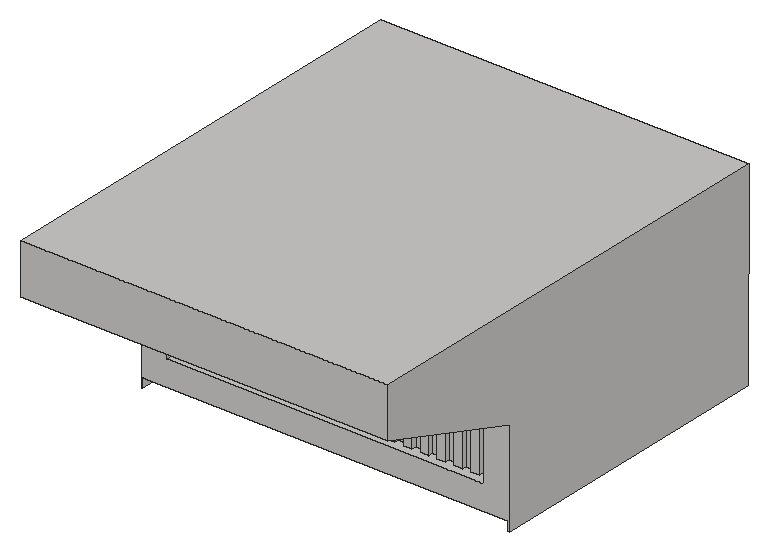
Revit family "QF_ZANUSSI_922735_HOEX2011", category Specialty Equipment, Revit 2023
Family settings
  Round Connector Dimension = Use Diameter
  Part Type = Normal
  Work Plane-Based = No
  Enable Cutting in Views = No
  Always vertical = Yes
  Cut with Voids When Loaded = No
  Maintain Annotation Orientation = No
  Shared = No
  Room Calculation Point = No
Parameters
  Weight = 23.00 kg
  Watts = 0 W
  Volts = 0 V
  URL Manufacturer = "http://www.zanussiprofessional.com"
  URL = "http://www.zanussiprofessional.com"
  Steam Supply Size = 0 mm
  Steam Supply Minimum Pressure = 0.0 Pa
  Steam Supply Maximum Pressure = 0.0 Pa
  Steam Pounds per Hour = 0
  Show Logo [instance] = yes
  Show Clearance [instance] = yes
  Refrigeration Suction Line Size = 0 mm
  Refrigeration Liquid Line Size = 0 mm
  Refrigerant Compressor Remote = yes
  Manufacturer = "Zanussi"
  Phase = 0
  Model = "HOBV11"
  Length Actual = 917 mm
  Item Number = "922735"
  Hot Water Size = 0 mm
  Height Actual = 450 mm
  HP = "0 HP"
  Gas Size = 0 mm
  Gas KW = 0
  Gas Input Pressure = 0 W
  Direct Waste Size = 0 mm
  Description = "EXHAUST HOOD WITHOUT FAN FOR 20 GN 1/1 OVEN"
  Depth Actual = 1085 mm
  Default Elevation = 0 mm
  Cycle = 0 Hz
  Condensate Return Size = 0 mm
  Compressed Air Volume = 0.0 L/s
  Compressed Air Size = 0 mm
  Compressed Air Pressure = 0.0 Pa
  Cold Water Size = 0 mm
  Accessory = no
Reference planes
  plane 1 "Center X": y = 92.351
  plane 2: z = 0
  plane 3 "Center Y": x = -326.5
  plane 4 "LEFT": x = -760
  plane 5 "BACK": y = 479.851
  plane 6 "RIGHT": x = 107
  plane 7 "FRONT": y = -295.149
  plane 8 "TOP": z = 1728
  plane 9: y = -590.149
  plane 10: x = -764
  plane 11: x = 111
  plane 12: z = 2178
Forms (mm)
  Extrusion 1, solid, material "QF_Clearance", visible <- "Show Clearance", detail levels coarse
    sketch origin (0, 0, 0) x (1, 0, 0) y (0, 1, 0)
      loop
        line (-764, 479.851) -> (111, 479.851) -> (111, 629.851) -> (-764, 629.851) -> (-764, 479.851)
    from 1707 to 2178
  Extrusion 2, solid, material "QF_Clearance", visible <- "Show Clearance", detail levels coarse
    sketch origin (-1150.39, -1524, 2178) x (-1, 0, 0) y (0, -1, 0)
      loop
        line (-386.39, -933.851) -> (-1261.39, -933.851) -> (-1261.39, -2153.851) -> (-386.39, -2153.851) -> (-386.39, -933.851)
    from 450 to 0
  Extrusion 3, solid, material "QF_Finishes_Stainless Steel"
    sketch origin (-764, 902.856, 4000) x (0, 1, 0) y (0, 0, 1)
      loop
        line (-423.005, -2272) -> (-423.005, -1822) -> (-1493.005, -1822) -> (-1493.005, -1942.064) -> (-1133.005, -2066.021) -> (-1133.005, -2272) -> (-423.005, -2272)
    from 60 to 0
  Extrusion 4, solid, material "QF_Finishes_Stainless Steel"
    sketch origin (111, 902.856, 4000) x (0, 1, 0) y (0, 0, 1)
      loop
        line (-423.005, -2272) -> (-423.005, -1822) -> (-1493.005, -1822) -> (-1493.005, -1942.064) -> (-1133.005, -2066.021) -> (-1133.005, -2272) -> (-423.005, -2272)
    from -60 to 0
  Extrusion 5, solid, material "QF_Finishes_Stainless Steel"
    sketch origin (-326.5, 0, 0) x (0, 1, 0) y (0, 0, 1)
      loop
        line (479.851, 1728) -> (479.851, 2178) -> (-590.149, 2178) -> (-590.149, 2057.936) -> (-210.149, 2057.936) -> (-210.149, 1788) -> (-230.149, 1788) -> (-230.149, 1728) -> (479.851, 1728)
    from -377.5 to 377.5
  Extrusion 6, solid, material "QF_Finishes_Stainless Steel"
    sketch origin (0, -295.149, 0) x (-1, 0, 0) y (0, 0, 1)
      loop
        line (764, 1728) -> (760, 1728) -> (760, 1707) -> (764, 1707) -> (764, 1728)
      loop
        line (-107, 1728) -> (-111, 1728) -> (-111, 1707) -> (-107, 1707) -> (-107, 1728)
    from 65 to 775
  Extrusion 7, solid, material "QF_Finishes_Stainless Steel"
    sketch origin (0, 479.851, 0) x (-1, 0, 0) y (0, 0, 1)
      loop
        circle (-86, 2113) r 8
      loop
        circle (326.5, 1746) r 7
    from 0 to 20
  Extrusion 8, void
    sketch origin (0, 0, 0) x (1, 0, 0) y (0, 1, 0)
      loop
        line (-696.5, -200.149) -> (-696.5, -210.149) -> (-676.5, -210.149) -> (-676.5, -200.149) -> (-696.5, -200.149)
      loop
        line (-656.5, -200.149) -> (-656.5, -210.149) -> (-636.5, -210.149) -> (-636.5, -200.149) -> (-656.5, -200.149)
      loop
        line (-616.5, -200.149) -> (-616.5, -210.149) -> (-596.5, -210.149) -> (-596.5, -200.149) -> (-616.5, -200.149)
      loop
        line (-576.5, -200.149) -> (-576.5, -210.149) -> (-556.5, -210.149) -> (-556.5, -200.149) -> (-576.5, -200.149)
      loop
        line (-536.5, -200.149) -> (-536.5, -210.149) -> (-516.5, -210.149) -> (-516.5, -200.149) -> (-536.5, -200.149)
      loop
        line (-496.5, -200.149) -> (-496.5, -210.149) -> (-476.5, -210.149) -> (-476.5, -200.149) -> (-496.5, -200.149)
      loop
        line (-456.5, -200.149) -> (-456.5, -210.149) -> (-436.5, -210.149) -> (-436.5, -200.149) -> (-456.5, -200.149)
      loop
        line (-416.5, -200.149) -> (-416.5, -210.149) -> (-396.5, -210.149) -> (-396.5, -200.149) -> (-416.5, -200.149)
      loop
        line (-376.5, -200.149) -> (-376.5, -210.149) -> (-356.5, -210.149) -> (-356.5, -200.149) -> (-376.5, -200.149)
      loop
        line (-336.5, -200.149) -> (-336.5, -210.149) -> (-316.5, -210.149) -> (-316.5, -200.149) -> (-336.5, -200.149)
      loop
        line (-296.5, -200.149) -> (-296.5, -210.149) -> (-276.5, -210.149) -> (-276.5, -200.149) -> (-296.5, -200.149)
      loop
        line (-256.5, -200.149) -> (-256.5, -210.149) -> (-236.5, -210.149) -> (-236.5, -200.149) -> (-256.5, -200.149)
      loop
        line (-216.5, -200.149) -> (-216.5, -210.149) -> (-196.5, -210.149) -> (-196.5, -200.149) -> (-216.5, -200.149)
      loop
        line (-176.5, -200.149) -> (-176.5, -210.149) -> (-156.5, -210.149) -> (-156.5, -200.149) -> (-176.5, -200.149)
      loop
        line (-136.5, -200.149) -> (-136.5, -210.149) -> (-116.5, -210.149) -> (-116.5, -200.149) -> (-136.5, -200.149)
      loop
        line (-96.5, -200.149) -> (-96.5, -210.149) -> (-76.5, -210.149) -> (-76.5, -200.149) -> (-96.5, -200.149)
      loop
        line (-56.5, -200.149) -> (-56.5, -210.149) -> (-36.5, -210.149) -> (-36.5, -200.149) -> (-56.5, -200.149)
      loop
        line (-16.5, -200.149) -> (-16.5, -210.149) -> (3.5, -210.149) -> (3.5, -200.149) -> (-16.5, -200.149)
      loop
        line (23.5, -200.149) -> (23.5, -210.149) -> (43.5, -210.149) -> (43.5, -200.149) -> (23.5, -200.149)
    from 1788 to 2057.936
Cuts and joins
  joined: Extrusion 1, Extrusion 2
  Extrusion 8 cuts Extrusion 3
  Extrusion 8 cuts Extrusion 4
  Extrusion 8 cuts Extrusion 5
  Extrusion 8 cuts Extrusion 6
  Extrusion 8 cuts Extrusion 7
  joined: Extrusion 3, Extrusion 4, Extrusion 5, Extrusion 6, Extrusion 7
Lines and regions (mm)
  symbolic lines, style "QF_Clearances", visible <- "Show Clearance"
    curve 1: line (111, 629.851, 0) -> (-764, 629.851, 0)
  symbolic lines, style "Linee tratto punto"
    curve 2: line (-764, 479.851, 0) -> (111, 479.851, 0)
    curve 3: line (-764, -590.149, 0) -> (-764, 479.851, 0)
    curve 4: line (111, -590.149, 0) -> (-764, -590.149, 0)
    curve 5: line (111, 479.851, 0) -> (111, -590.149, 0)
    curve 16: line (-764, -590.149, 0) -> (111, 479.851, 0)
    curve 17: line (-764, 479.851, 0) -> (111, -590.149, 0)
  symbolic lines
    curve 6: line (-333.5, 499.851, 0) -> (-319.5, 499.851, 0)
    curve 7: line (-319.5, 499.851, 0) -> (-319.5, 479.851, 0)
    curve 8: line (-333.5, 499.851, 0) -> (-333.5, 479.851, 0)
    curve 9: line (94, 499.851, 0) -> (94, 479.851, 0)
    curve 10: line (94, 499.851, 0) -> (78, 499.851, 0)
    curve 11: line (78, 499.851, 0) -> (78, 479.851, 0)
  symbolic lines, style "SpecialityEquipmentHiddenLines"
    curve 12: line (-334, 338.851, 0) -> (-34, 338.851, 0)
    curve 13: line (-334, 38.851, 0) -> (-334, 338.851, 0)
    curve 14: line (-34, 38.851, 0) -> (-334, 38.851, 0)
    curve 15: line (-34, 338.851, 0) -> (-34, 38.851, 0)
Dimensions and locks
  equal spacing: plane 4 "LEFT", plane 3 "Center Y", plane 6 "RIGHT"
  plane 10 to plane 11 = 875 mm
  plane 5 "BACK" to plane 9 = 1070 mm
  equal spacing: plane 5 "BACK", plane 1 "Center X", plane 7 "FRONT"
  locked: plane 10 to plane 4 "LEFT" at 4
  locked: plane 6 "RIGHT" to plane 11 at 4
  cut or joined group of Extrusion 3, Extrusion 4, Extrusion 5, Extrusion 6, Extrusion 7, Extrusion 8 to Extrusion 7 sketch curve = 39 mm
  Extrusion 7 sketch curve to plane 12 = 65 mm
  plane 11 to Extrusion 7 sketch curve = 25 mm
  aligned and locked: level to plane 2
Automatic sketch dimensions
  Extrusion 1 sketch curve to plane 10 = 0 mm
  Extrusion 1 sketch curve to plane 11 = 0 mm
  Extrusion 1 sketch curve to plane 5 "BACK" = 0 mm
  plane 5 "BACK" to Extrusion 1 sketch curve = 150 mm
  Extrusion 2 sketch curve to plane 9 = 0 mm
  Extrusion 2 sketch curve to plane 11 = 0 mm
  Extrusion 2 sketch curve to plane 10 = 0 mm
  plane 5 "BACK" to Extrusion 2 sketch curve = 150 mm
  Extrusion 5 sketch curve to plane 9 = 0 mm
  Extrusion 5 sketch curve to plane 8 "TOP" = 0 mm
  Extrusion 5 sketch curve to plane 5 "BACK" = 0 mm
  Extrusion 5 sketch curve to plane 12 = 0 mm
  plane 7 "FRONT" to Extrusion 5 sketch curve = 65 mm
  plane 7 "FRONT" to Extrusion 5 sketch curve = 85 mm
  plane 8 "TOP" to Extrusion 5 sketch curve = 60 mm
  Extrusion 5 sketch curve to plane 12 = 120.064 mm
  Extrusion 6 sketch curve to plane 8 "TOP" = 0 mm  (x2)
  Extrusion 6 sketch curve to plane 11 = 0 mm
  Extrusion 6 sketch curve to plane 6 "RIGHT" = 0 mm
  Extrusion 6 sketch curve to plane 4 "LEFT" = 0 mm
  Extrusion 6 sketch curve to plane 10 = 0 mm
  Extrusion 6 sketch curve to plane 8 "TOP" = 21 mm
  Extrusion 6 sketch curve to Extrusion 6 sketch curve = 21 mm
  Extrusion 7 sketch curve to plane 3 "Center Y" = 0 mm
  curve 1 to plane 10 = 0 mm
  curve 4 to plane 10 = 0 mm
  curve 1 to plane 11 = 0 mm
  curve 16 to plane 5 "BACK" = 0 mm
  curve 16 to plane 11 = 0 mm
  curve 5 to plane 9 = 0 mm
  curve 8 to plane 3 "Center Y" = 7 mm
  plane 3 "Center Y" to curve 6 = 7 mm
  curve 12 to plane 3 "Center Y" = 7.5 mm
  curve 15 to plane 6 "RIGHT" = 141 mm
  curve 11 to plane 6 "RIGHT" = 29 mm
  curve 9 to plane 6 "RIGHT" = 13 mm
  plane 1 "Center X" to curve 14 = 53.5 mm
  curve 12 to plane 5 "BACK" = 141 mm
  curve 9 to curve 10 = 20 mm
  plane 5 "BACK" to curve 8 = 20 mm
  curve 9 to curve 1 = 130 mm
  Extrusion 4 sketch curve to plane 9 = 0 mm
  Extrusion 4 sketch curve to plane 8 "TOP" = 0 mm
  Extrusion 4 sketch curve to plane 5 "BACK" = 0 mm
  Extrusion 4 sketch curve to plane 12 = 0 mm
  plane 7 "FRONT" to Extrusion 4 sketch curve = 65 mm
  plane 8 "TOP" to Extrusion 4 sketch curve = 205.979 mm
  Extrusion 4 sketch curve to Extrusion 4 sketch curve = 120.064 mm
  Extrusion 3 sketch curve to plane 9 = 0 mm
  Extrusion 3 sketch curve to plane 8 "TOP" = 0 mm
  Extrusion 3 sketch curve to plane 5 "BACK" = 0 mm
  Extrusion 3 sketch curve to plane 12 = 0 mm
  plane 7 "FRONT" to Extrusion 3 sketch curve = 65 mm
  plane 8 "TOP" to Extrusion 3 sketch curve = 205.979 mm
  Extrusion 3 sketch curve to Extrusion 3 sketch curve = 120.064 mm
  plane 4 "LEFT" to Extrusion 8 sketch curve = 63.5 mm
  Extrusion 8 sketch curve to Extrusion 8 sketch curve = 20 mm  (x35)
  Extrusion 8 sketch curve to plane 3 "Center Y" = 30 mm
  Extrusion 8 sketch curve to plane 3 "Center Y" = 10 mm
  plane 7 "FRONT" to Extrusion 8 sketch curve = 85 mm  (x2)
  Extrusion 8 sketch curve to Extrusion 8 sketch curve = 0 mm  (x17)
  Extrusion 8 sketch curve to Extrusion 8 sketch curve = 10 mm  (x19)
  radius of Extrusion 7 sketch curve = 8 mm
  radius of Extrusion 7 sketch curve = 7 mm
Connectors
  electrical at (86, 499.851, 2113)
    settings: on cut or joined group of Extrusion 3, Extrusion 4, Extrusion 5, Extrusion 6, Extrusion 7, Extrusion 8, index 1, voltage 0 V, apparent load 0 VA, apparent load phase1 0 VA, apparent load phase2 0 VA, apparent load phase3 0 VA, power factor 1, load classification "Altro", number of poles 1, system type 30, power factor state 1, is connector primary yes, connector utility no, sub classification motor no, connector description "Electrical Connection"
  piping at (-326.5, 499.851, 1746), diameter 14
    settings: on cut or joined group of Extrusion 3, Extrusion 4, Extrusion 5, Extrusion 6, Extrusion 7, Extrusion 8, index 2, connector inside diameter 609.6 mm, connector length 0 mm, flow factor 0, pipe flow 0.0 L/s, pressure drop 0.0 Pa, fitting loss kfactor 0, connector angle 0.00°, fixture units 0, engagement length 0 mm, angle of deflection 0.00°, flow configuration 1, flow direction 2, fitting loss method 0, system type 16, joint type 0, gender type 0, connector reference index -1, connector utility 0, adjustable connector no, is connector primary yes, connector description "Drain"
